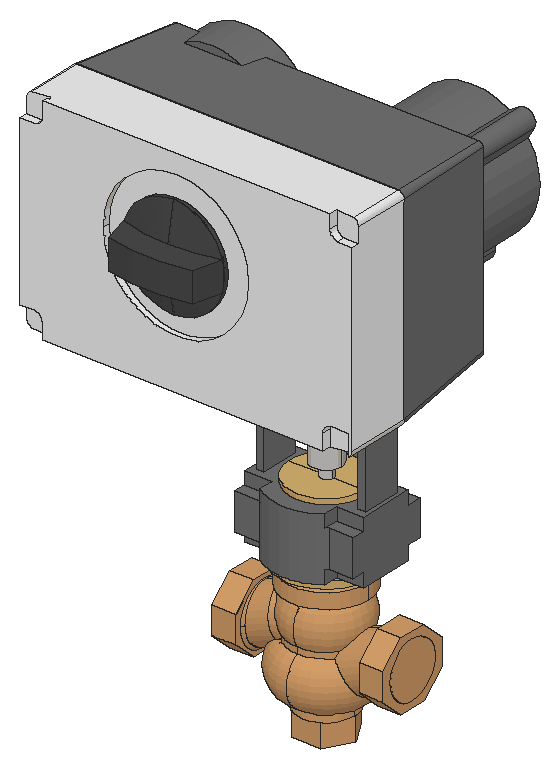
Revit family "VRB3_DN15-DN50_Internal_AMV(E) 438 SU_RFA_1", category Pipe Accessories, Revit 2019 (continued)
Definition of nested family "AMV(E) 438 SU_RFA"
  Automatic sketch dimensions
    Extrusion 6 sketch curve to plane 29 "2" = 0 mm
    Extrusion 6 sketch curve to plane 29 "2" = 0.209 mm
    Extrusion 6 sketch curve to plane 12 = 1.988 mm
    Extrusion 6 sketch curve to plane 29 "2" = 19.517 mm
    plane 25 to Extrusion 6 sketch curve = 1.625 mm  (x2)
    Extrusion 6 sketch curve to Extrusion 6 sketch curve = 3.614 mm
    Extrusion 6 sketch curve to plane 12 = 2.088 mm
    Extrusion 6 sketch curve to plane 3 "Center (Left/Right)" = 11.456 mm
    Extrusion 6 sketch curve to Extrusion 6 sketch curve = 3.53 mm
    Extrusion 8 sketch curve to plane 30 = 0 mm
    Extrusion 8 sketch curve to plane 30 = 0.494 mm
    Extrusion 8 sketch curve to plane 30 = 0.807 mm
    Extrusion 8 sketch curve to plane 8 = 1.328 mm
    Extrusion 8 sketch curve to plane 8 = 1.641 mm
    plane 30 to Extrusion 8 sketch curve = 0.313 mm
    plane 9 to Extrusion 8 sketch curve = 1.49 mm  (x2)
    plane 30 to Extrusion 8 sketch curve = 3.5 mm
    Extrusion 8 sketch curve to plane 4 = 0.865 mm  (x2)
    plane 30 to Extrusion 8 sketch curve = 3.812 mm
    Extrusion 8 sketch curve to plane 31 = 6.5 mm
    Extrusion 8 sketch curve to plane 31 = 3.375 mm
    Extrusion 8 sketch curve to plane 31 = 3 mm
    Extrusion 8 sketch curve to plane 31 = 2.193 mm
    plane 31 to Extrusion 8 sketch curve = 0.125 mm
    plane 31 to Extrusion 8 sketch curve = 0.932 mm
    Extrusion 8 sketch curve to plane 7 = 1.359 mm
    plane 7 to Extrusion 8 sketch curve = 1.766 mm
    plane 21 to Extrusion 8 sketch curve = 5.02 mm  (x2)
    Extrusion 8 sketch curve to plane 22 = 8.625 mm  (x2)
    plane 28 to Extrusion 9 sketch curve = 11.808 mm
    Extrusion 10 sketch curve to Extrusion 10 sketch curve = 0 mm  (x7)
    Extrusion 10 sketch curve to plane 33 = 1.314 mm
    plane 18 to Extrusion 10 sketch curve = 2.668 mm
    plane 18 to Extrusion 10 sketch curve = 2.193 mm
    Extrusion 10 sketch curve to plane 6 "1" = 0.006 mm
    Extrusion 10 sketch curve to plane 6 "1" = 0.53 mm
    Extrusion 10 sketch curve to plane 6 "1" = 0.837 mm
    plane 33 to Extrusion 10 sketch curve = 1.15 mm
    Extrusion 10 sketch curve to Extrusion 10 sketch curve = 4.463 mm
    Extrusion 10 sketch curve to plane 17 = 0.454 mm
    plane 17 to Extrusion 10 sketch curve = 0.032 mm
    Extrusion 10 sketch curve to plane 5 = 0.163 mm
    plane 5 to Extrusion 10 sketch curve = 4.975 mm
    Extrusion 10 sketch curve to Extrusion 10 sketch curve = 2.452 mm
    Extrusion 10 sketch curve to plane 31 = 7.185 mm
    Extrusion 10 sketch curve to plane 31 = 4.327 mm
    plane 21 to Extrusion 10 sketch curve = 21.104 mm
    Extrusion 10 sketch curve to Extrusion 10 sketch curve = 5.284 mm
    Extrusion 10 sketch curve to Extrusion 10 sketch curve = 5.553 mm
    Extrusion 10 sketch curve to plane 28 = 4.91 mm
    Extrusion 10 sketch curve to Extrusion 10 sketch curve = 4.951 mm
    plane 28 to Extrusion 10 sketch curve = 2.533 mm
    Extrusion 11 sketch curve to plane 29 "2" = 0 mm
    Extrusion 11 sketch curve to level = 0 mm  (x2)
    plane 5 to Extrusion 11 sketch curve = 3 mm
    level to Extrusion 11 sketch curve = 6.656 mm  (x2)
    Extrusion 11 sketch curve to Extrusion 11 sketch curve = 5.8 mm  (x2)
    Extrusion 12 sketch curve to plane 29 "2" = 0 mm
    plane 5 to Extrusion 12 sketch curve = 3 mm
    Extrusion 12 sketch curve to plane 10 = 22.844 mm  (x2)
    Extrusion 12 sketch curve to Extrusion 12 sketch curve = 6.425 mm  (x2)
    Blend 13 sketch curve to plane 30 = 0 mm
    Blend 13 sketch curve to plane 31 = 0 mm
    plane 6 "1" to Blend 13 sketch curve = 1.5 mm  (x2)
    Blend 13 sketch curve to plane 31 = 0.247 mm
    plane 21 to Blend 13 sketch curve = 5.457 mm
    level to Blend 13 sketch curve = 84.555 mm
    Blend 13 sketch curve to plane 22 = 5.222 mm
    Blend 13 sketch curve to Blend 13 sketch curve = 0.085 mm
    plane 4 to Blend 13 sketch curve = 619.252 mm
    Blend 13 sketch curve to plane 30 = 0.303 mm
    Blend 13 sketch curve to level = 658.801 mm
    Extrusion 14 sketch curve to plane 25 = 30.5 mm
    Extrusion 18 sketch curve to Extrusion 18 sketch curve = 3.625 mm  (x2)
    Extrusion 3 sketch curve to plane 10 = 0 mm
    Extrusion 3 sketch curve to plane 6 "1" = 2.6 mm
    plane 9 to Extrusion 3 sketch curve = 7.33 mm
    Extrusion 2 sketch curve to plane 5 = 2.6 mm
    Extrusion 2 sketch curve to plane 9 = 7.33 mm
    Extrusion 19 sketch curve to plane 29 "2" = 3.009 mm
    Extrusion 19 sketch curve to Extrusion 19 sketch curve = 0.951 mm
    Extrusion 19 sketch curve to Extrusion 19 sketch curve = 1.055 mm
    Extrusion 19 sketch curve to Extrusion 19 sketch curve = 1.445 mm
    Extrusion 19 sketch curve to Extrusion 19 sketch curve = 0.402 mm
    Extrusion 19 sketch curve to plane 3 "Center (Left/Right)" = 6.897 mm
    Extrusion 19 sketch curve to plane 3 "Center (Left/Right)" = 6.61 mm
    Extrusion 19 sketch curve to plane 1 "Center (Front/Back)" = 0.001 mm
    Extrusion 19 sketch curve to plane 3 "Center (Left/Right)" = 0.134 mm  (x2)
    Extrusion 19 sketch curve to plane 33 = 4.657 mm
    Extrusion 19 sketch curve to plane 33 = 4.37 mm
    plane 5 to Extrusion 19 sketch curve = 4.552 mm
    plane 5 to Extrusion 19 sketch curve = 4.564 mm
    Extrusion 19 sketch curve to Extrusion 19 sketch curve = 0.564 mm
    Extrusion 19 sketch curve to Extrusion 19 sketch curve = 1.457 mm
    plane 1 "Center (Front/Back)" to Extrusion 19 sketch curve = 3.471 mm  (x2)
    Extrusion 19 sketch curve to plane 34 = 2.567 mm
    Extrusion 19 sketch curve to Extrusion 19 sketch curve = 0.794 mm
    Extrusion 19 sketch curve to plane 1 "Center (Front/Back)" = 3.471 mm  (x2)
    plane 15 to Extrusion 19 sketch curve = 6.947 mm
    Extrusion 19 sketch curve to Extrusion 19 sketch curve = 0.56 mm
    plane 3 "Center (Left/Right)" to Revolve 20 sketch curve = 1.999 mm
    Revolve 20 sketch curve to Revolve 20 sketch curve = 2.001 mm
    Revolve 20 sketch curve to plane 33 = 3 mm
    Revolve 20 sketch curve to plane 9 = 16.826 mm
    Revolve 20 sketch curve to Revolve 20 sketch curve = 2.124 mm
    Revolve 20 sketch curve to Revolve 20 sketch curve = 5.9 mm
    plane 10 to Revolve 20 sketch curve = 6.895 mm
    plane 21 to Revolve 20 sketch curve = 3.665 mm
    Extrusion 21 sketch curve to plane 28 = 0 mm
    Extrusion 21 sketch curve to plane 29 "2" = 0 mm
Definition of nested family "Schematic_3-Way Valve"
  Parameters (values of type "Schematic_3-Way Valve")
    L_1 = L / 3  # 60 mm
    L = 180 mm
    H1 = 100 mm
    H = 140 mm
    D1 = 110 mm
  Reference planes
    plane 1 "Center (Front/Back)": y = 0
    plane 2: z = 0
    plane 3 "Center (Left/Right)": x = 0
    plane 4: z = 55
    plane 5: z = -55
    plane 6: x = -90
    plane 7: x = 90
    plane 8: x = 55
    plane 9: x = -55
    plane 10: z = -100
    plane 11: y = -100
    plane 12: y = 55
    plane 13: y = -55
    plane 14: z = 140
    plane 15: z = 80
    plane 16: x = 30
    plane 17: x = -30
    plane 18: y = 140
    plane 19: y = 80
  Lines and regions (mm)
    model lines
      curve 1: line (0, 0, 0) -> (-55, 0, -100)
      curve 2: line (0, 0, 0) -> (55, 0, -100)
      curve 3: line (55, 0, -100) -> (-55, 0, -100)
      curve 4: line (0, 0, 0) -> (90, 0, 55)
      curve 5: line (90, 0, 55) -> (90, 0, -55)
      curve 6: line (90, 0, -55) -> (0, 0, 0)
      curve 7: line (0, 0, 0) -> (-90, 0, 55)
      curve 8: line (-90, 0, 55) -> (-90, 0, -55)
      curve 9: line (-90, 0, -55) -> (0, 0, 0)
      curve 19: line (0, 0, 80) -> (0, 0, 0)
      curve 20: line (-30, 0, 140) -> (30, 0, 140)
      curve 21: line (-30, 0, 80) -> (-30, 0, 140)
      curve 22: line (30, 0, 80) -> (-30, 0, 80)
      curve 23: line (30, 0, 140) -> (30, 0, 80)
    symbolic lines
      curve 10: line (0, 0, 0) -> (90, 55, 0)
      curve 11: line (90, 55, 0) -> (90, -55, 0)
      curve 12: line (90, -55, 0) -> (0, 0, 0)
      curve 13: line (0, 0, 0) -> (-90, 55, 0)
      curve 14: line (-90, 55, 0) -> (-90, -55, 0)
      curve 15: line (-90, -55, 0) -> (0, 0, 0)
      curve 16: line (0, 0, 0) -> (55, -100, 0)
      curve 17: line (55, -100, 0) -> (-55, -100, 0)
      curve 18: line (0, 0, 0) -> (-55, -100, 0)
      curve 24: line (-30, 140, 0) -> (30, 140, 0)
      curve 25: line (-30, 80, 0) -> (-30, 140, 0)
      curve 26: line (30, 80, 0) -> (-30, 80, 0)
      curve 27: line (30, 140, 0) -> (30, 80, 0)
      curve 28: line (0, 0, 0) -> (0, 80, 0)
  Dimensions and locks
    "D1": plane 4 to plane 5
    equal spacing: plane 4, level, plane 5
    "D1": plane 8 to plane 9
    equal spacing: plane 8, plane 3 "Center (Left/Right)", plane 9
    plane 9 to plane 8 = 110 mm
    equal spacing: plane 9, plane 3 "Center (Left/Right)", plane 8
    "D1": plane 13 to plane 12
    equal spacing: plane 13, plane 1 "Center (Front/Back)", plane 12
    "L_1": plane 14 to plane 15
    "H": plane 14 to level
    "L_1": plane 16 to plane 17
    equal spacing: plane 16, plane 3 "Center (Left/Right)", plane 17
    "H": plane 1 "Center (Front/Back)" to plane 18
    "L_1": plane 19 to plane 18
    equal spacing: plane 17, plane 3 "Center (Left/Right)", plane 16
    plane 17 to plane 16 = 60 mm
    equal spacing: plane 7, plane 3 "Center (Left/Right)", plane 6
    "L": plane 7 to plane 6
    "H1": plane 2 to plane 10
    "H1": plane 11 to plane 1 "Center (Front/Back)"
    aligned and locked: level to plane 2
    aligned and locked: plane 10 to curve 3
    aligned and locked: curve 5 to plane 7
    aligned and locked: curve 8 to plane 6
    aligned and locked: level to curve 19
    aligned and locked: curve 20 to plane 14
    aligned and locked: plane 17 to curve 21
    aligned and locked: curve 23 to plane 16
    aligned and locked: plane 19 to curve 28
    aligned and locked: plane 15 to curve 19
  Automatic sketch dimensions
    curve 13 to plane 6 = 0 mm
    curve 18 to plane 9 = 0 mm
    curve 26 to plane 17 = 0 mm
    plane 1 "Center (Front/Back)" to curve 15 = 0 mm
    curve 15 to plane 3 "Center (Left/Right)" = 0 mm
    curve 24 to plane 16 = 0 mm
    curve 16 to plane 8 = 0 mm
    curve 12 to plane 7 = 0 mm
    plane 11 to curve 17 = 0 mm
    plane 13 to curve 12 = 0 mm
    plane 13 to curve 15 = 0 mm
    plane 12 to curve 13 = 0 mm
    plane 12 to curve 11 = 0 mm
    plane 18 to curve 24 = 0 mm
    curve 3 to plane 9 = 0 mm
    curve 6 to plane 3 "Center (Left/Right)" = 0 mm
    curve 2 to plane 8 = 0 mm
    curve 6 to plane 5 = 0 mm
    curve 9 to plane 5 = 0 mm
    curve 5 to plane 4 = 0 mm
    curve 7 to plane 4 = 0 mm
Types (10, lengths in mm): name | Z1_ve | W2C | TL2 | L0 | L | Ha | H_T2 | H_T1 | ZC | Z2 | Z1_1 | Z1 | Z05 | Z02 | Z01 | Z0 | Y5 | Y4 | Y2 | Y1 | Y01 | Y0 | X12__ve | X12 | X1 | Weight | W2T1 | W2T | W2B | W2A | W2 | W1 | V1 | TT | TL__ve | TL1__ve | TL1 | TL | T_HH | H0 | TD | Stroke | R_Vertical Body | RT1 | RT0 | R_Flow Pipe | R | NL | N1 | Model Type | Model | LM | LL | Kvs | H_Body Bottom | HT_Flow pipe | HH__ve | H_2 | H_Body Top | HB_Flow Pipe | H_5 | H1 | H_4 | H_1 | H | D1 | D01 | D00 | D0 | D | CenSd_R14_6 | BY | CenSd_RT0_6 | A2_Flow Pipe | A1_Flow pipe
  VRB3_DN32_Internal_Kvs16_065Z0218 | -20 | 34 | 2.5 | 112 | 112 | 226.5 | 5.5 | 6.5 | 4 | 11.5 | 28 | 27.5 | 3 | 2 | 2 | 1 | 3 | 2 | 27.7 | 11.5 | 1 | 1 | -17.4 | 17.4 | 8.7 | 1.81 kg | 15 | 15 | 21 | 16 | 13 | 24 | yes | 5 | -12.5 | -7 | 9 | 12.5 | 226.5 | 95.3 | 50 | "15 mm" | 25 | 27 | 25 | 23 | 25 | 55 | 23 | "VRB3_DN32_Internal_Kvs16" | "065Z0218" | 87 | 56 | 16.0 m³/h | 34 | 5 | -23.5 | 23.5 | 28.5 | 8 | 12 | 57.5 | 33 | 42 | 284 | 60 | 45 | 52 | 42 | 32 | 14.289 | 20 | 21.651 | 165.00° | 158.00°
  VRB3_DN25_Internal_Kvs10_065Z0217 | -18 | 28 | 1.5 | 95 | 95 | 221.5 | 5.5 | 7 | 6 | 9.184 | 25 | 23 | 6 | 2 | 2 | 1 | 3 | 1 | 22.173 | 9.184 | 2 | 1 | -15 | 15 | 7.5 | 1.15 kg | 11 | 9 | 15 | 11 | 13 | 21 | no | 5 | -12 | -5 | 9 | 12 | 221.5 | 90.8 | 41.6 | "10 mm" | 21 | 23 | 21 | 18 | 20.8 | 44 | 18 | "VRB3_DN25_Internal_Kvs10" | "065Z0217" | 75 | 47.5 | 10.0 m³/h | 30 | 6 | -23.5 | 23.5 | 26 | 6.314 | 12 | 49.5 | 29 | 37 | 271 | 48 | 33.6 | 39.6 | 33.6 | 25 | 14.289 | 14 | 18.013 | 158.00° | 158.00°
  VRB3_DN20_Internal_Kvs6.3_065Z0216 | -15 | 24 | 0 | 80 | 80 | 219.5 | 5.3 | 5.5 | 5 | 8.036 | 18 | 20.5 | 3 | 3 | 2 | 1 | 3 | 1 | 19.401 | 8.036 | 1 | 1 | -11.2 | 11.2 | 5.6 | 0.91 kg | 7.5 | 5.5 | 11 | 9 | 13 | 18 | no | 5 | -12 | -11.4 | 11.4 | 12 | 219.5 | 87.3 | 34 | "10 mm" | 15.5 | 20.5 | 18.5 | 15 | 17 | 39 | 16 | "VRB3_DN20_Internal_Kvs6.3" | "065Z0216" | 56 | 40 | 6.3 m³/h | 29 | 4 | -24.5 | 24.5 | 25 | 6.314 | 11 | 44.5 | 29 | 35 | 264 | 42 | 31.4 | 35.4 | 29.4 | 20 | 14.289 | 10.5 | 14.722 | 158.00° | 158.00°
  VRB3_DN15_Internal_Kvs2.5_065Z0214 | -13 | 23.5 | 0 | 80 | 80 | 215.5 | 5.3 | 7 | 5 | 6.314 | 19 | 16 | 5 | 4 | 2 | 1 | 3 | 1 | 15.244 | 6.314 | 1 | 1 | -11.6 | 11.6 | 5.8 | 0.71 kg | 7 | 5 | 10.5 | 6 | 13 | 17 | no | 5 | -11 | -9 | 9 | 11 | 215.5 | 84.8 | 27 | "10 mm" | 13.5 | 18.5 | 16.5 | 13 | 13.5 | 34 | 13 | "VRB3_DN15_Internal_Kvs2.5" | "065Z0214" | 58 | 40 | 2.5 m³/h | 25 | 5 | -23.5 | 23.5 | 23 | 6.314 | 11 | 39.5 | 25 | 31 | 255 | 33 | 25.1 | 29.1 | 23.1 | 15 | 14.289 | 10 | 11.691 | 158.00° | 158.00°
  VRB3_DN50_Internal_Kvs40_065Z0220 | -39 | 50 | 3 | 160 | 160 | 263.5 | 5.5 | 10.8 | 3 | 16 | 62 | 38 | 5 | 6 | 8 | 6 | 2 | 2 | 36 | 12.629 | 3 | 4 | -20.6 | 20.6 | 20 | 5.13 kg | 27.5 | 29.5 | 32 | 29 | 18 | 36 | yes | 6 | -14.5 | -24 | 10 | 14.5 | 263.5 | 136.8 | 74 | "15 mm" | 39.5 | 42 | 40 | 32 | 37 | 72 | 32 | "VRB3_DN50_Internal_Kvs40" | "065Z0220" | 131 | 80 | 40.0 m³/h | 44 | 7 | -28.5 | 28.5 | 46 | 6.314 | 17.5 | 82.5 | 42 | 79 | 346 | 80 | 49.2 | 56.2 | 46.2 | 50 | 14.289 | 29.5 | 32.043 | 168.00° | 165.00°
  VRB3_DN40_Internal_Kvs25_065Z0219 | -33 | 43 | 2 | 132 | 132 | 250.5 | 6 | 11 | 4 | 13 | 48 | 31 | 3 | 2 | 2 | 1 | 3 | 2 | 27.716 | 11.481 | 1 | 1 | -17.4 | 17.4 | 8.7 | 3.35 kg | 15 | 15 | 25 | 21 | 18 | 33 | yes | 5 | -12.5 | -14.5 | 14.5 | 12.5 | 250.5 | 124 | 58 | "15 mm" | 31 | 34.1 | 33 | 27 | 29 | 64 | 26 | "VRB3_DN40_Internal_Kvs25" | "065Z0219" | 107 | 66 | 25.0 m³/h | 40 | 6 | -23.5 | 23.5 | 40 | 10 | 12 | 75 | 33 | 66 | 325.5 | 66 | 45 | 52 | 42 | 40 | 14.289 | 20 | 25.115 | 161.00° | 163.00°
  VRB3_DN15_Internal_Kvs4.0_065Z0215 | -13 | 23.5 | 0 | 80 | 80 | 215.5 | 5.3 | 7 | 5 | 6.314 | 19 | 16 | 5 | 4 | 2 | 1 | 3 | 1 | 15.244 | 6.314 | 1 | 1 | -11.6 | 11.6 | 5.8 | 0.71 kg | 7 | 5 | 10.5 | 6 | 13 | 17 | no | 5 | -11 | -9 | 9 | 11 | 215.5 | 84.8 | 27 | "10 mm" | 13.5 | 18.5 | 16.5 | 13 | 13.5 | 34 | 13 | "VRB3_DN15_Internal_Kvs4.0" | "065Z0215" | 58 | 40 | 4.0 m³/h | 25 | 5 | -23.5 | 23.5 | 23 | 6.314 | 11 | 39.5 | 25 | 31 | 255 | 33 | 25.1 | 29.1 | 23.1 | 15 | 14.289 | 10 | 11.691 | 158.00° | 158.00°
  VRB3_DN15_Internal_Kvs1.6_065Z0213 | -13 | 23.5 | 0 | 80 | 80 | 215.5 | 5.3 | 7 | 5 | 6.314 | 19 | 16 | 5 | 4 | 2 | 1 | 3 | 1 | 15.244 | 6.314 | 1 | 1 | -11.6 | 11.6 | 5.8 | 0.71 kg | 7 | 5 | 10.5 | 6 | 13 | 17 | no | 5 | -11 | -9 | 9 | 11 | 215.5 | 84.8 | 27 | "10 mm" | 13.5 | 18.5 | 16.5 | 13 | 13.5 | 34 | 13 | "VRB3_DN15_Internal_Kvs1.6" | "065Z0213" | 58 | 40 | 1.6 m³/h | 25 | 5 | -23.5 | 23.5 | 23 | 6.314 | 11 | 39.5 | 25 | 31 | 255 | 33 | 25.1 | 29.1 | 23.1 | 15 | 14.289 | 10 | 11.691 | 158.00° | 158.00°
  VRB3_DN15_Internal_Kvs1.0_065Z0212 | -13 | 23.5 | 0 | 80 | 80 | 215.5 | 5.3 | 7 | 5 | 6.314 | 19 | 16 | 5 | 4 | 2 | 1 | 3 | 1 | 15.244 | 6.314 | 1 | 1 | -11.6 | 11.6 | 5.8 | 0.71 kg | 7 | 5 | 10.5 | 6 | 13 | 17 | no | 5 | -11 | -9 | 9 | 11 | 215.5 | 84.8 | 27 | "10 mm" | 13.5 | 18.5 | 16.5 | 13 | 13.5 | 34 | 13 | "VRB3_DN15_Internal_Kvs1.0" | "065Z0212" | 58 | 40 | 1.0 m³/h | 25 | 5 | -23.5 | 23.5 | 23 | 6.314 | 11 | 39.5 | 25 | 31 | 255 | 33 | 25.1 | 29.1 | 23.1 | 15 | 14.289 | 10 | 11.691 | 158.00° | 158.00°
  VRB3_DN15_Internal_Kvs0.63_065Z0211 | -13 | 23.5 | 0 | 80 | 80 | 215.5 | 5.3 | 7 | 5 | 6.314 | 19 | 16 | 5 | 4 | 2 | 1 | 3 | 1 | 15.244 | 6.314 | 1 | 1 | -11.6 | 11.6 | 5.8 | 0.71 kg | 7 | 5 | 10.5 | 6 | 13 | 17 | no | 5 | -11 | -9 | 9 | 11 | 215.5 | 84.8 | 27 | "10 mm" | 13.5 | 18.5 | 16.5 | 13 | 13.5 | 34 | 13 | "VRB3_DN15_Internal_Kvs0.63" | "065Z0211" | 58 | 40 | 0.63 m³/h | 25 | 5 | -23.5 | 23.5 | 23 | 6.314 | 11 | 39.5 | 25 | 31 | 255 | 33 | 25.1 | 29.1 | 23.1 | 15 | 6.928 | 10 | 11.691 | 158.00° | 158.00°
